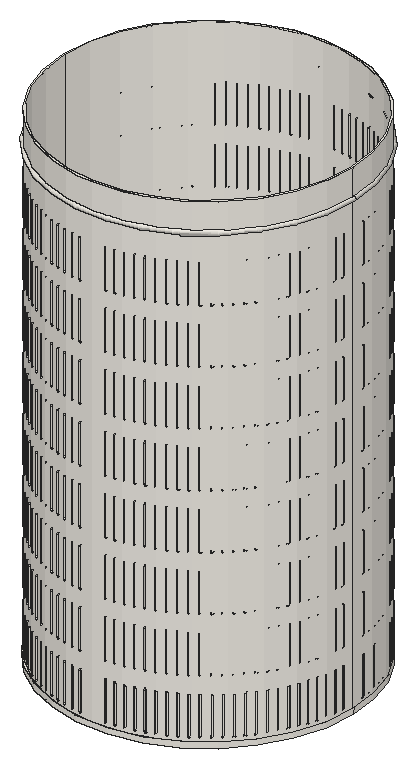
Revit family "Air Terminals_IVA", category Air Terminals, Revit 2017
Family settings
  Round Connector Dimension = Use Diameter
  Part Type = Normal
  Work Plane-Based = No
  Always vertical = Yes
  Cut with Voids When Loaded = No
  Shared = No
  Room Calculation Point = No
Parameters (values of type "IVA_DN 630")
  ∆p (Pa) = if(DN = 1, "12/27/56", if(DN = 2, "14/30/58", if(DN = 3, "14/31/61", if(DN = 4, "15/32/62", if(DN = 5, "14/31/63", if(DN = 6, "14/32/63", if(DN = 7, "13/31/63", "13/31/65")))))))  # "13/31/65"
  Void 8 = yes
  Maß ØD = if(DN = 1, 248.0 mm, if(DN = 2, 313.0 mm, if(DN = 3, 353.0 mm, if(DN = 4, 398.0 mm, if(DN = 5, 448.0 mm, if(DN = 6, 498.0 mm, if(DN = 7, 558.0 mm, 628.0 mm)))))))  # 628.0 mm
  Vo (m3/h) = if(DN = 1, "620/930/1350", if(DN = 2, "1050/1550/2150", if(DN = 3, "1350/2000/2800", if(DN = 4, "1700/2500/3500", if(DN = 5, "2100/3100/4400", if(DN = 6, "2650/4000/5600", if(DN = 7, "3300/5000/7100", "4100/6400/9200")))))))  # "4100/6400/9200"
  Void 7 = yes
  vert. Eindringt. ymax (m) = if(DN = 1, "3.5/4.9/6.6", if(DN = 2, "4.7/6.5/8.6", if(DN = 3, "5.5/7.5/9.9", if(DN = 4, "6.3/8.6/11.4", if(DN = 5, "7.0/9.7/13.0", if(DN = 6, "7.9/11.0/14.6", if(DN = 7, "8.8/12.3/16.5", "9.7/14.0/18.9")))))))  # "9.7/14.0/18.9"
  Min Flow = 0.0 L/s
  Maß A = if(DN = 1, 785.5 mm, if(DN = 2, 785.5 mm, if(DN = 3, 843.5 mm, if(DN = 4, 843.5 mm, if(DN = 5, 843.5 mm, if(DN = 6, 951.5 mm, if(DN = 7, 1059.5 mm, 1059.5 mm)))))))  # 1059.5 mm
  Max Flow = 0.0 L/s
  Material [instance] = "Aluminium"  # constant formula
  Masse (kg) = "0"
  Lwa (dB(A)) = if(DN = 1, "35/45/55", if(DN = 2, "35/45/55", if(DN = 3, "35/45/55", if(DN = 4, "35/45/55", if(DN = 5, "35/45/55", if(DN = 6, "35/45/55", if(DN = 7, "35/45/55", "35/45/55")))))))  # "35/45/55"
  hori. Wurfw. xhor (m) = if(DN = 1, "0.8/0.9/1.1", if(DN = 2, "1.3/1.6/1.8", if(DN = 3, "1.7/2.0/2.3", if(DN = 4, "2.3/2.6/3.0", if(DN = 5, "2.9/3.4/3.9", if(DN = 6, "3.6/4.3/4.9", if(DN = 7, "4.6/5.4/6.2", "5.8/6.9/8.0")))))))  # "5.8/6.9/8.0"
  H_Assembly = if(DN = 1, 540.0 mm, if(DN = 2, 540.0 mm, if(DN = 3, 540.0 mm, if(DN = 4, 540.0 mm, if(DN = 5, 540.0 mm, if(DN = 6, 660.0 mm, if(DN = 7, 780.0 mm, 780.0 mm)))))))  # 780.0 mm
  DN = 8
  Color [instance] = RAL 9010
  Array radial = 24
Reference planes
  plane 1 "Center (Front/Back)": y = 0
  plane 2: z = 0
  plane 3 "Center (Left/Right)": x = 0
  plane 4: z = 1059.5
Dimensions and locks
  "Maß A": plane 4 to level
Nested families
  nested 1: "Void 1" at (0, 0, 0), type "Void 1", detail levels fine
    with Maß ØD-4 622.0 mm, Maß ØD 628.0 mm, Array radial 24
  nested 2: "Void 2" at (0, 0, 0), type "Void 2", detail levels fine
  nested 3: "Void 3" at (0, 0, 0), type "Void 3", detail levels fine
  nested 4: "Void 4" at (0, 0, 0), type "Void 4", detail levels fine
    with Maß ØD-4 622.0 mm, Maß ØD 628.0 mm, Array radial 24
  nested 5: "Void 5" at (0, 0, 0), type "Void 5", detail levels fine
    with Maß ØD-4 622.0 mm, Maß ØD 628.0 mm, Array radial 24
  nested 6: "Void 6" at (0, 0, 0), type "Void 6", detail levels fine
    with Maß ØD-4 622.0 mm, Maß ØD 628.0 mm, Array radial 24
  nested 7: "Void 7" at (0, 0, 0), visible <- "Void 7", type "Void 7"
    with Void 7 yes, Maß ØD-4 622.0 mm, Maß ØD 628.0 mm, Array radial 24
  nested 8: "Void 8" at (0, 0, 0), visible <- "Void 8", type "Void 8"
    with Void 8 yes, Maß ØD-4 622.0 mm, Maß ØD 628.0 mm, Array radial 24
  nested 9: "Assembly up" at (0, 0, 0), type "Assembly up", detail levels fine
    with e 110.0 mm, c 25.0 mm, Maß ØD+6 634.0 mm, Maß ØD 628.0 mm, Maß A 1059.5 mm
  nested 10: "Assembly down" at (0, 0, 0), type "Assembly down", detail levels fine
    with e 110.0 mm, Maß ØD+6 634.0 mm, Maß ØD 628.0 mm, Maß A 1059.5 mm
  nested 11: "L_up_down" at (0, 0, 0), type "L_up_down", detail levels fine
    with Maß ØD 628.0 mm, Maß A 1059.5 mm
  nested 12: "C_center" at (0, 0, 0), type "C_center", detail levels fine
    with Maß ØD-6 622.0 mm, Maß ØD 628.0 mm, Maß A 1059.5 mm
  nested 13: "Medium_1" at (0, 0, 0), type "Medium_1", detail levels coarse+medium
    with Maß ØD-4 622.0 mm, Maß ØD 628.0 mm
  nested 14: "Medium_2" at (0, 0, 0), type "Medium_2", detail levels coarse+medium
    with e 110.0 mm, c 25.0 mm, Maß ØD+6 634.0 mm, Maß ØD 628.0 mm, Maß A 1059.5 mm
  nested 15: "Medium_3" at (0, 0, 0), type "Medium_3", detail levels coarse+medium
    with e 110.0 mm, Maß ØD+6 634.0 mm, Maß ØD 628.0 mm, Maß A 1059.5 mm
Connectors
  hvac at (0, 0, 1059.5), driven by "Maß ØD"
    settings: on nested 1, index 1, duct flow 0.0 L/s, flow factor 0, pres drop 0.0 Pa, loss coef 0, conn angle 0.00°, conn width 304.8 mm, conn height 304.8 mm, conn diameter 628 mm, duct sys type 1, conn prof type 0, flow config 1, flow direction 1, loss method 0, conn ref index -1, conn util no, is conn primary yes, conn desc ""
Definition of nested family "Void 1"
  Parameters (values of type "Void 1")
    Maß ØD-4 = Maß ØD - 6.0 mm  # 242.0 mm
    Maß ØD = 248.0 mm
    Maß A = 1059.5 mm
    Array radial = 14
  Reference planes
    plane 1 "Center (Front/Back)": y = 0
    plane 2: z = 0
    plane 3 "Center (Left/Right)": x = 0
    plane 4: z = 1059.5
  Forms (mm)
    Extrusion 1, solid
      sketch origin (0, 0, 0) x (1, 0, 0) y (0, 1, 0)
        loop
          circle (0, 0) r 124
        loop
          circle (0, 0) r 121
      from 0 to 1059.5
    Extrusion 2, void
      sketch origin (0, -0.004, 0) x (0.996195, -0.087156, 0) y (0, 0, 1)
        loop
          arc (2.5, 100) -> (0, 102.5) -> (-2.5, 100) r 2.5
          line (-2.5, 100) -> (-2.5, 20)
          arc (-2.5, 20) -> (0, 17.5) -> (2.5, 20) r 2.5
          line (2.5, 20) -> (2.5, 100)
      from -319.154 to 326.21
    Extrusion 3, void
      sketch origin (-0.004, 0, 0) x (0.087156, -0.996195, 0) y (0, 0, 1)
        loop
          arc (2.5, 100) -> (0, 102.5) -> (-2.5, 100) r 2.5
          line (-2.5, 100) -> (-2.5, 20)
          arc (-2.5, 20) -> (0, 17.5) -> (2.5, 20) r 2.5
          line (2.5, 20) -> (2.5, 100)
      from -319.154 to 326.21
    Extrusion 4, void
      sketch origin (-0.001, -0.004, 0) x (0.981111, -0.193444, 0) y (0, 0, 1)
        loop
          arc (2.5, 100) -> (0, 102.5) -> (-2.5, 100) r 2.5
          line (-2.5, 100) -> (-2.5, 20)
          arc (-2.5, 20) -> (0, 17.5) -> (2.5, 20) r 2.5
          line (2.5, 20) -> (2.5, 100)
      from -319.154 to 326.21
    Extrusion 5, void
      sketch origin (-0.001, -0.004, 0) x (0.954721, -0.297503, 0) y (0, 0, 1)
        loop
          arc (2.5, 100) -> (0, 102.5) -> (-2.5, 100) r 2.5
          line (-2.5, 100) -> (-2.5, 20)
          arc (-2.5, 20) -> (0, 17.5) -> (2.5, 20) r 2.5
          line (2.5, 20) -> (2.5, 100)
      from -319.154 to 326.21
    Extrusion 6, void
      sketch origin (-0.002, -0.004, 0) x (0.917328, -0.398133, 0) y (0, 0, 1)
        loop
          arc (2.5, 100) -> (0, 102.5) -> (-2.5, 100) r 2.5
          line (-2.5, 100) -> (-2.5, 20)
          arc (-2.5, 20) -> (0, 17.5) -> (2.5, 20) r 2.5
          line (2.5, 20) -> (2.5, 100)
      from -319.154 to 326.21
    Extrusion 7, void
      sketch origin (-0.002, -0.004, 0) x (0.869362, -0.494175, 0) y (0, 0, 1)
        loop
          arc (2.5, 100) -> (0, 102.5) -> (-2.5, 100) r 2.5
          line (-2.5, 100) -> (-2.5, 20)
          arc (-2.5, 20) -> (0, 17.5) -> (2.5, 20) r 2.5
          line (2.5, 20) -> (2.5, 100)
      from -319.154 to 326.21
    Extrusion 8, void
      sketch origin (-0.002, -0.003, 0) x (0.811378, -0.584522, 0) y (0, 0, 1)
        loop
          arc (2.5, 100) -> (0, 102.5) -> (-2.5, 100) r 2.5
          line (-2.5, 100) -> (-2.5, 20)
          arc (-2.5, 20) -> (0, 17.5) -> (2.5, 20) r 2.5
          line (2.5, 20) -> (2.5, 100)
      from -319.154 to 326.21
    Extrusion 9, void
      sketch origin (-0.003, -0.003, 0) x (0.744043, -0.668132, 0) y (0, 0, 1)
        loop
          arc (2.5, 100) -> (0, 102.5) -> (-2.5, 100) r 2.5
          line (-2.5, 100) -> (-2.5, 20)
          arc (-2.5, 20) -> (0, 17.5) -> (2.5, 20) r 2.5
          line (2.5, 20) -> (2.5, 100)
      from -319.154 to 326.21
    Extrusion 10, void
      sketch origin (-0.003, -0.003, 0) x (0.668132, -0.744043, 0) y (0, 0, 1)
        loop
          arc (2.5, 100) -> (0, 102.5) -> (-2.5, 100) r 2.5
          line (-2.5, 100) -> (-2.5, 20)
          arc (-2.5, 20) -> (0, 17.5) -> (2.5, 20) r 2.5
          line (2.5, 20) -> (2.5, 100)
      from -319.154 to 326.21
    Extrusion 11, void
      sketch origin (-0.003, -0.002, 0) x (0.584522, -0.811378, 0) y (0, 0, 1)
        loop
          arc (2.5, 100) -> (0, 102.5) -> (-2.5, 100) r 2.5
          line (-2.5, 100) -> (-2.5, 20)
          arc (-2.5, 20) -> (0, 17.5) -> (2.5, 20) r 2.5
          line (2.5, 20) -> (2.5, 100)
      from -319.154 to 326.21
    Extrusion 12, void
      sketch origin (-0.004, -0.002, 0) x (0.494175, -0.869362, 0) y (0, 0, 1)
        loop
          arc (2.5, 100) -> (0, 102.5) -> (-2.5, 100) r 2.5
          line (-2.5, 100) -> (-2.5, 20)
          arc (-2.5, 20) -> (0, 17.5) -> (2.5, 20) r 2.5
          line (2.5, 20) -> (2.5, 100)
      from -319.154 to 326.21
    Extrusion 13, void
      sketch origin (-0.004, -0.002, 0) x (0.398133, -0.917328, 0) y (0, 0, 1)
        loop
          arc (2.5, 100) -> (0, 102.5) -> (-2.5, 100) r 2.5
          line (-2.5, 100) -> (-2.5, 20)
          arc (-2.5, 20) -> (0, 17.5) -> (2.5, 20) r 2.5
          line (2.5, 20) -> (2.5, 100)
      from -319.154 to 326.21
    Extrusion 14, void
      sketch origin (-0.004, -0.001, 0) x (0.297503, -0.954721, 0) y (0, 0, 1)
        loop
          arc (2.5, 100) -> (0, 102.5) -> (-2.5, 100) r 2.5
          line (-2.5, 100) -> (-2.5, 20)
          arc (-2.5, 20) -> (0, 17.5) -> (2.5, 20) r 2.5
          line (2.5, 20) -> (2.5, 100)
      from -319.154 to 326.21
    Extrusion 15, void
      sketch origin (-0.004, -0.001, 0) x (0.193444, -0.981111, 0) y (0, 0, 1)
        loop
          arc (2.5, 100) -> (0, 102.5) -> (-2.5, 100) r 2.5
          line (-2.5, 100) -> (-2.5, 20)
          arc (-2.5, 20) -> (0, 17.5) -> (2.5, 20) r 2.5
          line (2.5, 20) -> (2.5, 100)
      from -319.154 to 326.21
    Extrusion 16, void, not visible
      sketch origin (0, -0.004, 0) x (0.996195, -0.087156, 0) y (0, 0, 1)
        loop
          arc (2.5, 100) -> (0, 102.5) -> (-2.5, 100) r 2.5
          line (-2.5, 100) -> (-2.5, 20)
          arc (-2.5, 20) -> (0, 17.5) -> (2.5, 20) r 2.5
          line (2.5, 20) -> (2.5, 100)
      from -319.154 to 326.21
    Extrusion 17, void
      sketch origin (0, -0.004, 0) x (0.996195, 0.087156, 0) y (0, 0, 1)
        loop
          arc (2.5, 100) -> (0, 102.5) -> (-2.5, 100) r 2.5
          line (-2.5, 100) -> (-2.5, 20)
          arc (-2.5, 20) -> (0, 17.5) -> (2.5, 20) r 2.5
          line (2.5, 20) -> (2.5, 100)
      from -319.154 to 326.21
    Extrusion 18, void
      sketch origin (0.004, 0, 0) x (0.087156, 0.996195, 0) y (0, 0, 1)
        loop
          arc (2.5, 100) -> (0, 102.5) -> (-2.5, 100) r 2.5
          line (-2.5, 100) -> (-2.5, 20)
          arc (-2.5, 20) -> (0, 17.5) -> (2.5, 20) r 2.5
          line (2.5, 20) -> (2.5, 100)
      from -319.154 to 326.21
    Extrusion 19, void
      sketch origin (0.001, -0.004, 0) x (0.981111, 0.193444, 0) y (0, 0, 1)
        loop
          arc (2.5, 100) -> (0, 102.5) -> (-2.5, 100) r 2.5
          line (-2.5, 100) -> (-2.5, 20)
          arc (-2.5, 20) -> (0, 17.5) -> (2.5, 20) r 2.5
          line (2.5, 20) -> (2.5, 100)
      from -319.154 to 326.21
    Extrusion 20, void
      sketch origin (0.001, -0.004, 0) x (0.954721, 0.297503, 0) y (0, 0, 1)
        loop
          arc (2.5, 100) -> (0, 102.5) -> (-2.5, 100) r 2.5
          line (-2.5, 100) -> (-2.5, 20)
          arc (-2.5, 20) -> (0, 17.5) -> (2.5, 20) r 2.5
          line (2.5, 20) -> (2.5, 100)
      from -319.154 to 326.21
    Extrusion 21, void
      sketch origin (0.002, -0.004, 0) x (0.917328, 0.398133, 0) y (0, 0, 1)
        loop
          arc (2.5, 100) -> (0, 102.5) -> (-2.5, 100) r 2.5
          line (-2.5, 100) -> (-2.5, 20)
          arc (-2.5, 20) -> (0, 17.5) -> (2.5, 20) r 2.5
          line (2.5, 20) -> (2.5, 100)
      from -319.154 to 326.21
    Extrusion 22, void
      sketch origin (0.002, -0.004, 0) x (0.869362, 0.494175, 0) y (0, 0, 1)
        loop
          arc (2.5, 100) -> (0, 102.5) -> (-2.5, 100) r 2.5
          line (-2.5, 100) -> (-2.5, 20)
          arc (-2.5, 20) -> (0, 17.5) -> (2.5, 20) r 2.5
          line (2.5, 20) -> (2.5, 100)
      from -319.154 to 326.21
    Extrusion 23, void
      sketch origin (0.002, -0.003, 0) x (0.811378, 0.584522, 0) y (0, 0, 1)
        loop
          arc (2.5, 100) -> (0, 102.5) -> (-2.5, 100) r 2.5
          line (-2.5, 100) -> (-2.5, 20)
          arc (-2.5, 20) -> (0, 17.5) -> (2.5, 20) r 2.5
          line (2.5, 20) -> (2.5, 100)
      from -319.154 to 326.21
    Extrusion 24, void
      sketch origin (0.003, -0.003, 0) x (0.744043, 0.668132, 0) y (0, 0, 1)
        loop
          arc (2.5, 100) -> (0, 102.5) -> (-2.5, 100) r 2.5
          line (-2.5, 100) -> (-2.5, 20)
          arc (-2.5, 20) -> (0, 17.5) -> (2.5, 20) r 2.5
          line (2.5, 20) -> (2.5, 100)
      from -319.154 to 326.21
    Extrusion 25, void
      sketch origin (0.003, -0.003, 0) x (0.668132, 0.744043, 0) y (0, 0, 1)
        loop
          arc (2.5, 100) -> (0, 102.5) -> (-2.5, 100) r 2.5
          line (-2.5, 100) -> (-2.5, 20)
          arc (-2.5, 20) -> (0, 17.5) -> (2.5, 20) r 2.5
          line (2.5, 20) -> (2.5, 100)
      from -319.154 to 326.21
    Extrusion 26, void
      sketch origin (0.003, -0.002, 0) x (0.584522, 0.811378, 0) y (0, 0, 1)
        loop
          arc (2.5, 100) -> (0, 102.5) -> (-2.5, 100) r 2.5
          line (-2.5, 100) -> (-2.5, 20)
          arc (-2.5, 20) -> (0, 17.5) -> (2.5, 20) r 2.5
          line (2.5, 20) -> (2.5, 100)
      from -319.154 to 326.21
    Extrusion 27, void
      sketch origin (0.004, -0.002, 0) x (0.494175, 0.869362, 0) y (0, 0, 1)
        loop
          arc (2.5, 100) -> (0, 102.5) -> (-2.5, 100) r 2.5
          line (-2.5, 100) -> (-2.5, 20)
          arc (-2.5, 20) -> (0, 17.5) -> (2.5, 20) r 2.5
          line (2.5, 20) -> (2.5, 100)
      from -319.154 to 326.21
    Extrusion 28, void
      sketch origin (0.004, -0.002, 0) x (0.398133, 0.917328, 0) y (0, 0, 1)
        loop
          arc (2.5, 100) -> (0, 102.5) -> (-2.5, 100) r 2.5
          line (-2.5, 100) -> (-2.5, 20)
          arc (-2.5, 20) -> (0, 17.5) -> (2.5, 20) r 2.5
          line (2.5, 20) -> (2.5, 100)
      from -319.154 to 326.21
    Extrusion 29, void
      sketch origin (0.004, -0.001, 0) x (0.297503, 0.954721, 0) y (0, 0, 1)
        loop
          arc (2.5, 100) -> (0, 102.5) -> (-2.5, 100) r 2.5
          line (-2.5, 100) -> (-2.5, 20)
          arc (-2.5, 20) -> (0, 17.5) -> (2.5, 20) r 2.5
          line (2.5, 20) -> (2.5, 100)
      from -319.154 to 326.21
    Extrusion 30, void
      sketch origin (0.004, -0.001, 0) x (0.193444, 0.981111, 0) y (0, 0, 1)
        loop
          arc (2.5, 100) -> (0, 102.5) -> (-2.5, 100) r 2.5
          line (-2.5, 100) -> (-2.5, 20)
          arc (-2.5, 20) -> (0, 17.5) -> (2.5, 20) r 2.5
          line (2.5, 20) -> (2.5, 100)
      from -319.154 to 326.21
    Extrusion 31, void, not visible
      sketch origin (0, -0.004, 0) x (0.996195, 0.087156, 0) y (0, 0, 1)
        loop
          arc (2.5, 100) -> (0, 102.5) -> (-2.5, 100) r 2.5
          line (-2.5, 100) -> (-2.5, 20)
          arc (-2.5, 20) -> (0, 17.5) -> (2.5, 20) r 2.5
          line (2.5, 20) -> (2.5, 100)
      from -319.154 to 326.21
  Cuts and joins
    Extrusion 2, Extrusion 3, Extrusion 4, Extrusion 5, Extrusion 6, Extrusion 7, Extrusion 8, Extrusion 9, Extrusion 10, Extrusion 11, Extrusion 12, Extrusion 13, Extrusion 14, Extrusion 15, Extrusion 17, Extrusion 18, Extrusion 19, Extrusion 20, Extrusion 21, Extrusion 22, Extrusion 23, Extrusion 24, Extrusion 25, Extrusion 26, Extrusion 27, Extrusion 28, Extrusion 29, Extrusion 30 cuts Extrusion 1
  Dimensions and locks
    "Maß A": plane 4 to level
    "Maß ØD-4": diameter of Extrusion 1 sketch curve
    "Maß ØD": diameter of Extrusion 1 sketch curve
    aligned and locked: level to plane 2
    aligned and locked: plane 4 to Extrusion 1
  Automatic sketch dimensions
    Extrusion 2 sketch curve to Extrusion 2 sketch curve = 80.0 mm
    Extrusion 2 sketch curve to Extrusion 2 sketch curve = 2.5 mm
    Extrusion 3 sketch curve to Extrusion 3 sketch curve = 80.0 mm
    Extrusion 3 sketch curve to Extrusion 3 sketch curve = 2.5 mm
    Extrusion 4 sketch curve to Extrusion 4 sketch curve = 80.0 mm
    Extrusion 4 sketch curve to Extrusion 4 sketch curve = 2.5 mm
    Extrusion 5 sketch curve to Extrusion 5 sketch curve = 80.0 mm
    Extrusion 5 sketch curve to Extrusion 5 sketch curve = 2.5 mm
    Extrusion 6 sketch curve to Extrusion 6 sketch curve = 80.0 mm
    Extrusion 6 sketch curve to Extrusion 6 sketch curve = 2.5 mm
    Extrusion 7 sketch curve to Extrusion 7 sketch curve = 80.0 mm
    Extrusion 7 sketch curve to Extrusion 7 sketch curve = 2.5 mm
    Extrusion 8 sketch curve to Extrusion 8 sketch curve = 80.0 mm
    Extrusion 8 sketch curve to Extrusion 8 sketch curve = 2.5 mm
    Extrusion 9 sketch curve to Extrusion 9 sketch curve = 80.0 mm
    Extrusion 9 sketch curve to Extrusion 9 sketch curve = 2.5 mm
    Extrusion 10 sketch curve to Extrusion 10 sketch curve = 80.0 mm
    Extrusion 10 sketch curve to Extrusion 10 sketch curve = 2.5 mm
    Extrusion 11 sketch curve to Extrusion 11 sketch curve = 80.0 mm
    Extrusion 11 sketch curve to Extrusion 11 sketch curve = 2.5 mm
    Extrusion 12 sketch curve to Extrusion 12 sketch curve = 80.0 mm
    Extrusion 12 sketch curve to Extrusion 12 sketch curve = 2.5 mm
    Extrusion 13 sketch curve to Extrusion 13 sketch curve = 80.0 mm
    Extrusion 13 sketch curve to Extrusion 13 sketch curve = 2.5 mm
    Extrusion 14 sketch curve to Extrusion 14 sketch curve = 80.0 mm
    Extrusion 14 sketch curve to Extrusion 14 sketch curve = 2.5 mm
    Extrusion 15 sketch curve to Extrusion 15 sketch curve = 80.0 mm
    Extrusion 15 sketch curve to Extrusion 15 sketch curve = 2.5 mm
    Extrusion 16 sketch curve to Extrusion 16 sketch curve = 80.0 mm
    Extrusion 16 sketch curve to Extrusion 16 sketch curve = 2.5 mm
    Extrusion 17 sketch curve to Extrusion 17 sketch curve = 80.0 mm
    Extrusion 17 sketch curve to Extrusion 17 sketch curve = 2.5 mm
    Extrusion 18 sketch curve to Extrusion 18 sketch curve = 80.0 mm
    Extrusion 18 sketch curve to Extrusion 18 sketch curve = 2.5 mm
    Extrusion 19 sketch curve to Extrusion 19 sketch curve = 80.0 mm
    Extrusion 19 sketch curve to Extrusion 19 sketch curve = 2.5 mm
    Extrusion 20 sketch curve to Extrusion 20 sketch curve = 80.0 mm
    Extrusion 20 sketch curve to Extrusion 20 sketch curve = 2.5 mm
    Extrusion 21 sketch curve to Extrusion 21 sketch curve = 80.0 mm
    Extrusion 21 sketch curve to Extrusion 21 sketch curve = 2.5 mm
    Extrusion 22 sketch curve to Extrusion 22 sketch curve = 80.0 mm
    Extrusion 22 sketch curve to Extrusion 22 sketch curve = 2.5 mm
    Extrusion 23 sketch curve to Extrusion 23 sketch curve = 80.0 mm
    Extrusion 23 sketch curve to Extrusion 23 sketch curve = 2.5 mm
    Extrusion 24 sketch curve to Extrusion 24 sketch curve = 80.0 mm
    Extrusion 24 sketch curve to Extrusion 24 sketch curve = 2.5 mm
    Extrusion 25 sketch curve to Extrusion 25 sketch curve = 80.0 mm
    Extrusion 25 sketch curve to Extrusion 25 sketch curve = 2.5 mm
    Extrusion 26 sketch curve to Extrusion 26 sketch curve = 80.0 mm
    Extrusion 26 sketch curve to Extrusion 26 sketch curve = 2.5 mm
    Extrusion 27 sketch curve to Extrusion 27 sketch curve = 80.0 mm
    Extrusion 27 sketch curve to Extrusion 27 sketch curve = 2.5 mm
    Extrusion 28 sketch curve to Extrusion 28 sketch curve = 80.0 mm
    Extrusion 28 sketch curve to Extrusion 28 sketch curve = 2.5 mm
    Extrusion 29 sketch curve to Extrusion 29 sketch curve = 80.0 mm
    Extrusion 29 sketch curve to Extrusion 29 sketch curve = 2.5 mm
    Extrusion 30 sketch curve to Extrusion 30 sketch curve = 80.0 mm
    Extrusion 30 sketch curve to Extrusion 30 sketch curve = 2.5 mm
    Extrusion 31 sketch curve to Extrusion 31 sketch curve = 80.0 mm
    Extrusion 31 sketch curve to Extrusion 31 sketch curve = 2.5 mm
    Extrusion 1 sketch curve to Extrusion 1 sketch curve = 0.0 mm  (x2)
    plane 1 "Center (Front/Back)" to Extrusion 1 sketch curve = 0.0 mm
    Extrusion 1 sketch curve to plane 3 "Center (Left/Right)" = 0.0 mm
Definition of nested family "Void 2"
  Parameters (values of type "Void 2")
    Maß ØD-4 = Maß ØD - 6.0 mm  # 622.0 mm
    Maß ØD = 628.0 mm
    Maß A = 1059.5 mm
    Array radial = 24
  Reference planes
    plane 1 "Center (Front/Back)": y = 0
    plane 2: z = 0
    plane 3 "Center (Left/Right)": x = 0
    plane 4: z = 1059.5
  Forms (mm)
    Extrusion 1, solid
      sketch origin (0, 0, 0) x (1, 0, 0) y (0, 1, 0)
        loop
          circle (0, 0) r 314
        loop
          circle (0, 0) r 311
      from 0 to 1059.5
    Extrusion 2, void
      sketch origin (0, -0.004, 120) x (0.996195, -0.087156, 0) y (0, 0, 1)
        loop
          arc (2.5, 100) -> (0, 102.5) -> (-2.5, 100) r 2.5
          line (-2.5, 100) -> (-2.5, 20)
          arc (-2.5, 20) -> (0, 17.5) -> (2.5, 20) r 2.5
          line (2.5, 20) -> (2.5, 100)
      from -319.154 to 326.21
    Extrusion 3, void
      sketch origin (0, -0.004, 120) x (0.996195, 0.087156, 0) y (0, 0, 1)
        loop
          arc (2.5, 100) -> (0, 102.5) -> (-2.5, 100) r 2.5
          line (-2.5, 100) -> (-2.5, 20)
          arc (-2.5, 20) -> (0, 17.5) -> (2.5, 20) r 2.5
          line (2.5, 20) -> (2.5, 100)
      from -319.154 to 326.21
    Extrusion 4, void
      sketch origin (-0.004, 0, 120) x (0.087156, -0.996195, 0) y (0, 0, 1)
        loop
          arc (2.5, 100) -> (0, 102.5) -> (-2.5, 100) r 2.5
          line (-2.5, 100) -> (-2.5, 20)
          arc (-2.5, 20) -> (0, 17.5) -> (2.5, 20) r 2.5
          line (2.5, 20) -> (2.5, 100)
      from -319.154 to 326.21
    Extrusion 5, void
      sketch origin (-0.001, -0.004, 120) x (0.989072, -0.147434, 0) y (0, 0, 1)
        loop
          arc (2.5, 100) -> (0, 102.5) -> (-2.5, 100) r 2.5
          line (-2.5, 100) -> (-2.5, 20)
          arc (-2.5, 20) -> (0, 17.5) -> (2.5, 20) r 2.5
          line (2.5, 20) -> (2.5, 100)
      from -319.154 to 326.21
    Extrusion 6, void
      sketch origin (-0.001, -0.004, 120) x (0.978305, -0.207169, 0) y (0, 0, 1)
        loop
          arc (2.5, 100) -> (0, 102.5) -> (-2.5, 100) r 2.5
          line (-2.5, 100) -> (-2.5, 20)
          arc (-2.5, 20) -> (0, 17.5) -> (2.5, 20) r 2.5
          line (2.5, 20) -> (2.5, 100)
      from -319.154 to 326.21
    Extrusion 7, void
      sketch origin (-0.001, -0.004, 120) x (0.963934, -0.266141, 0) y (0, 0, 1)
        loop
          arc (2.5, 100) -> (0, 102.5) -> (-2.5, 100) r 2.5
          line (-2.5, 100) -> (-2.5, 20)
          arc (-2.5, 20) -> (0, 17.5) -> (2.5, 20) r 2.5
          line (2.5, 20) -> (2.5, 100)
      from -319.154 to 326.21
    Extrusion 8, void
      sketch origin (-0.001, -0.004, 120) x (0.946012, -0.324133, 0) y (0, 0, 1)
        loop
          arc (2.5, 100) -> (0, 102.5) -> (-2.5, 100) r 2.5
          line (-2.5, 100) -> (-2.5, 20)
          arc (-2.5, 20) -> (0, 17.5) -> (2.5, 20) r 2.5
          line (2.5, 20) -> (2.5, 100)
      from -319.154 to 326.21
    Extrusion 9, void
      sketch origin (-0.002, -0.004, 120) x (0.924604, -0.38093, 0) y (0, 0, 1)
        loop
          arc (2.5, 100) -> (0, 102.5) -> (-2.5, 100) r 2.5
          line (-2.5, 100) -> (-2.5, 20)
          arc (-2.5, 20) -> (0, 17.5) -> (2.5, 20) r 2.5
          line (2.5, 20) -> (2.5, 100)
      from -319.154 to 326.21
    Extrusion 10, void
      sketch origin (-0.002, -0.004, 120) x (0.89979, -0.436324, 0) y (0, 0, 1)
        loop
          arc (2.5, 100) -> (0, 102.5) -> (-2.5, 100) r 2.5
          line (-2.5, 100) -> (-2.5, 20)
          arc (-2.5, 20) -> (0, 17.5) -> (2.5, 20) r 2.5
          line (2.5, 20) -> (2.5, 100)
      from -319.154 to 326.21
    Extrusion 11, void
      sketch origin (-0.002, -0.004, 120) x (0.87166, -0.49011, 0) y (0, 0, 1)
        loop
          arc (2.5, 100) -> (0, 102.5) -> (-2.5, 100) r 2.5
          line (-2.5, 100) -> (-2.5, 20)
          arc (-2.5, 20) -> (0, 17.5) -> (2.5, 20) r 2.5
          line (2.5, 20) -> (2.5, 100)
      from -319.154 to 326.21
    Extrusion 12, void
      sketch origin (-0.002, -0.004, 120) x (0.84032, -0.542091, 0) y (0, 0, 1)
        loop
          arc (2.5, 100) -> (0, 102.5) -> (-2.5, 100) r 2.5
          line (-2.5, 100) -> (-2.5, 20)
          arc (-2.5, 20) -> (0, 17.5) -> (2.5, 20) r 2.5
          line (2.5, 20) -> (2.5, 100)
      from -319.154 to 326.21
    Extrusion 13, void
      sketch origin (-0.003, -0.003, 120) x (0.805883, -0.592074, 0) y (0, 0, 1)
        loop
          arc (2.5, 100) -> (0, 102.5) -> (-2.5, 100) r 2.5
          line (-2.5, 100) -> (-2.5, 20)
          arc (-2.5, 20) -> (0, 17.5) -> (2.5, 20) r 2.5
          line (2.5, 20) -> (2.5, 100)
      from -319.154 to 326.21
    Extrusion 14, void
      sketch origin (-0.003, -0.003, 120) x (0.768478, -0.639876, 0) y (0, 0, 1)
        loop
          arc (2.5, 100) -> (0, 102.5) -> (-2.5, 100) r 2.5
          line (-2.5, 100) -> (-2.5, 20)
          arc (-2.5, 20) -> (0, 17.5) -> (2.5, 20) r 2.5
          line (2.5, 20) -> (2.5, 100)
      from -319.154 to 326.21
    Extrusion 15, void
      sketch origin (-0.003, -0.003, 120) x (0.728241, -0.685321, 0) y (0, 0, 1)
        loop
          arc (2.5, 100) -> (0, 102.5) -> (-2.5, 100) r 2.5
          line (-2.5, 100) -> (-2.5, 20)
          arc (-2.5, 20) -> (0, 17.5) -> (2.5, 20) r 2.5
          line (2.5, 20) -> (2.5, 100)
      from -319.154 to 326.21
    Extrusion 16, void
      sketch origin (-0.003, -0.003, 120) x (0.685321, -0.728241, 0) y (0, 0, 1)
        loop
          arc (2.5, 100) -> (0, 102.5) -> (-2.5, 100) r 2.5
          line (-2.5, 100) -> (-2.5, 20)
          arc (-2.5, 20) -> (0, 17.5) -> (2.5, 20) r 2.5
          line (2.5, 20) -> (2.5, 100)
      from -319.154 to 326.21
    Extrusion 17, void
      sketch origin (0.004, 0, 120) x (0.087156, 0.996195, 0) y (0, 0, 1)
        loop
          arc (2.5, 100) -> (0, 102.5) -> (-2.5, 100) r 2.5
          line (-2.5, 100) -> (-2.5, 20)
          arc (-2.5, 20) -> (0, 17.5) -> (2.5, 20) r 2.5
          line (2.5, 20) -> (2.5, 100)
      from -319.154 to 326.21
    Extrusion 18, void
      sketch origin (0.001, -0.004, 120) x (0.989072, 0.147434, 0) y (0, 0, 1)
        loop
          arc (2.5, 100) -> (0, 102.5) -> (-2.5, 100) r 2.5
          line (-2.5, 100) -> (-2.5, 20)
          arc (-2.5, 20) -> (0, 17.5) -> (2.5, 20) r 2.5
          line (2.5, 20) -> (2.5, 100)
      from -319.154 to 326.21
    Extrusion 19, void
      sketch origin (0.001, -0.004, 120) x (0.978305, 0.207169, 0) y (0, 0, 1)
        loop
          arc (2.5, 100) -> (0, 102.5) -> (-2.5, 100) r 2.5
          line (-2.5, 100) -> (-2.5, 20)
          arc (-2.5, 20) -> (0, 17.5) -> (2.5, 20) r 2.5
          line (2.5, 20) -> (2.5, 100)
      from -319.154 to 326.21
    Extrusion 20, void
      sketch origin (0.001, -0.004, 120) x (0.963934, 0.266141, 0) y (0, 0, 1)
        loop
          arc (2.5, 100) -> (0, 102.5) -> (-2.5, 100) r 2.5
          line (-2.5, 100) -> (-2.5, 20)
          arc (-2.5, 20) -> (0, 17.5) -> (2.5, 20) r 2.5
          line (2.5, 20) -> (2.5, 100)
      from -319.154 to 326.21
    Extrusion 21, void
      sketch origin (0.001, -0.004, 120) x (0.946012, 0.324133, 0) y (0, 0, 1)
        loop
          arc (2.5, 100) -> (0, 102.5) -> (-2.5, 100) r 2.5
          line (-2.5, 100) -> (-2.5, 20)
          arc (-2.5, 20) -> (0, 17.5) -> (2.5, 20) r 2.5
          line (2.5, 20) -> (2.5, 100)
      from -319.154 to 326.21
    Extrusion 22, void
      sketch origin (0.002, -0.004, 120) x (0.924604, 0.38093, 0) y (0, 0, 1)
        loop
          arc (2.5, 100) -> (0, 102.5) -> (-2.5, 100) r 2.5
          line (-2.5, 100) -> (-2.5, 20)
          arc (-2.5, 20) -> (0, 17.5) -> (2.5, 20) r 2.5
          line (2.5, 20) -> (2.5, 100)
      from -319.154 to 326.21
    Extrusion 23, void
      sketch origin (0.002, -0.004, 120) x (0.89979, 0.436324, 0) y (0, 0, 1)
        loop
          arc (2.5, 100) -> (0, 102.5) -> (-2.5, 100) r 2.5
          line (-2.5, 100) -> (-2.5, 20)
          arc (-2.5, 20) -> (0, 17.5) -> (2.5, 20) r 2.5
          line (2.5, 20) -> (2.5, 100)
      from -319.154 to 326.21
    Extrusion 24, void
      sketch origin (0.002, -0.004, 120) x (0.87166, 0.49011, 0) y (0, 0, 1)
        loop
          arc (2.5, 100) -> (0, 102.5) -> (-2.5, 100) r 2.5
          line (-2.5, 100) -> (-2.5, 20)
          arc (-2.5, 20) -> (0, 17.5) -> (2.5, 20) r 2.5
          line (2.5, 20) -> (2.5, 100)
      from -319.154 to 326.21
    Extrusion 25, void
      sketch origin (0.002, -0.004, 120) x (0.84032, 0.542091, 0) y (0, 0, 1)
        loop
          arc (2.5, 100) -> (0, 102.5) -> (-2.5, 100) r 2.5
          line (-2.5, 100) -> (-2.5, 20)
          arc (-2.5, 20) -> (0, 17.5) -> (2.5, 20) r 2.5
          line (2.5, 20) -> (2.5, 100)
      from -319.154 to 326.21
    Extrusion 26, void
      sketch origin (0.003, -0.003, 120) x (0.805883, 0.592074, 0) y (0, 0, 1)
        loop
          arc (2.5, 100) -> (0, 102.5) -> (-2.5, 100) r 2.5
          line (-2.5, 100) -> (-2.5, 20)
          arc (-2.5, 20) -> (0, 17.5) -> (2.5, 20) r 2.5
          line (2.5, 20) -> (2.5, 100)
      from -319.154 to 326.21
    Extrusion 27, void
      sketch origin (0.003, -0.003, 120) x (0.768478, 0.639876, 0) y (0, 0, 1)
        loop
          arc (2.5, 100) -> (0, 102.5) -> (-2.5, 100) r 2.5
          line (-2.5, 100) -> (-2.5, 20)
          arc (-2.5, 20) -> (0, 17.5) -> (2.5, 20) r 2.5
          line (2.5, 20) -> (2.5, 100)
      from -319.154 to 326.21
    Extrusion 28, void
      sketch origin (0.003, -0.003, 120) x (0.728241, 0.685321, 0) y (0, 0, 1)
        loop
          arc (2.5, 100) -> (0, 102.5) -> (-2.5, 100) r 2.5
          line (-2.5, 100) -> (-2.5, 20)
          arc (-2.5, 20) -> (0, 17.5) -> (2.5, 20) r 2.5
          line (2.5, 20) -> (2.5, 100)
      from -319.154 to 326.21
    Extrusion 29, void
      sketch origin (0.003, -0.003, 120) x (0.685321, 0.728241, 0) y (0, 0, 1)
        loop
          arc (2.5, 100) -> (0, 102.5) -> (-2.5, 100) r 2.5
          line (-2.5, 100) -> (-2.5, 20)
          arc (-2.5, 20) -> (0, 17.5) -> (2.5, 20) r 2.5
          line (2.5, 20) -> (2.5, 100)
      from -319.154 to 326.21
    Extrusion 30, void
      sketch origin (-0.003, -0.003, 120) x (0.639876, -0.768478, 0) y (0, 0, 1)
        loop
          arc (2.5, 100) -> (0, 102.5) -> (-2.5, 100) r 2.5
          line (-2.5, 100) -> (-2.5, 20)
          arc (-2.5, 20) -> (0, 17.5) -> (2.5, 20) r 2.5
          line (2.5, 20) -> (2.5, 100)
      from -319.154 to 326.21
    Extrusion 31, void
      sketch origin (-0.003, -0.003, 120) x (0.592074, -0.805883, 0) y (0, 0, 1)
        loop
          arc (2.5, 100) -> (0, 102.5) -> (-2.5, 100) r 2.5
          line (-2.5, 100) -> (-2.5, 20)
          arc (-2.5, 20) -> (0, 17.5) -> (2.5, 20) r 2.5
          line (2.5, 20) -> (2.5, 100)
      from -319.154 to 326.21
    Extrusion 32, void
      sketch origin (-0.004, -0.002, 120) x (0.542091, -0.84032, 0) y (0, 0, 1)
        loop
          arc (2.5, 100) -> (0, 102.5) -> (-2.5, 100) r 2.5
          line (-2.5, 100) -> (-2.5, 20)
          arc (-2.5, 20) -> (0, 17.5) -> (2.5, 20) r 2.5
          line (2.5, 20) -> (2.5, 100)
      from -319.154 to 326.21
    Extrusion 33, void
      sketch origin (-0.004, -0.002, 120) x (0.49011, -0.87166, 0) y (0, 0, 1)
        loop
          arc (2.5, 100) -> (0, 102.5) -> (-2.5, 100) r 2.5
          line (-2.5, 100) -> (-2.5, 20)
          arc (-2.5, 20) -> (0, 17.5) -> (2.5, 20) r 2.5
          line (2.5, 20) -> (2.5, 100)
      from -319.154 to 326.21
    Extrusion 34, void
      sketch origin (-0.004, -0.002, 120) x (0.436324, -0.89979, 0) y (0, 0, 1)
        loop
          arc (2.5, 100) -> (0, 102.5) -> (-2.5, 100) r 2.5
          line (-2.5, 100) -> (-2.5, 20)
          arc (-2.5, 20) -> (0, 17.5) -> (2.5, 20) r 2.5
          line (2.5, 20) -> (2.5, 100)
      from -319.154 to 326.21
    Extrusion 35, void
      sketch origin (-0.004, -0.002, 120) x (0.38093, -0.924604, 0) y (0, 0, 1)
        loop
          arc (2.5, 100) -> (0, 102.5) -> (-2.5, 100) r 2.5
          line (-2.5, 100) -> (-2.5, 20)
          arc (-2.5, 20) -> (0, 17.5) -> (2.5, 20) r 2.5
          line (2.5, 20) -> (2.5, 100)
      from -319.154 to 326.21
    Extrusion 36, void
      sketch origin (-0.004, -0.001, 120) x (0.324133, -0.946012, 0) y (0, 0, 1)
        loop
          arc (2.5, 100) -> (0, 102.5) -> (-2.5, 100) r 2.5
          line (-2.5, 100) -> (-2.5, 20)
          arc (-2.5, 20) -> (0, 17.5) -> (2.5, 20) r 2.5
          line (2.5, 20) -> (2.5, 100)
      from -319.154 to 326.21
    Extrusion 37, void
      sketch origin (-0.004, -0.001, 120) x (0.266141, -0.963934, 0) y (0, 0, 1)
        loop
          arc (2.5, 100) -> (0, 102.5) -> (-2.5, 100) r 2.5
          line (-2.5, 100) -> (-2.5, 20)
          arc (-2.5, 20) -> (0, 17.5) -> (2.5, 20) r 2.5
          line (2.5, 20) -> (2.5, 100)
      from -319.154 to 326.21
    Extrusion 38, void
      sketch origin (-0.004, -0.001, 120) x (0.207169, -0.978305, 0) y (0, 0, 1)
        loop
          arc (2.5, 100) -> (0, 102.5) -> (-2.5, 100) r 2.5
          line (-2.5, 100) -> (-2.5, 20)
          arc (-2.5, 20) -> (0, 17.5) -> (2.5, 20) r 2.5
          line (2.5, 20) -> (2.5, 100)
      from -319.154 to 326.21
    Extrusion 39, void
      sketch origin (-0.004, -0.001, 120) x (0.147434, -0.989072, 0) y (0, 0, 1)
        loop
          arc (2.5, 100) -> (0, 102.5) -> (-2.5, 100) r 2.5
          line (-2.5, 100) -> (-2.5, 20)
          arc (-2.5, 20) -> (0, 17.5) -> (2.5, 20) r 2.5
          line (2.5, 20) -> (2.5, 100)
      from -319.154 to 326.21
    Extrusion 40, void
      sketch origin (0.003, -0.003, 120) x (0.639876, 0.768478, 0) y (0, 0, 1)
        loop
          arc (2.5, 100) -> (0, 102.5) -> (-2.5, 100) r 2.5
          line (-2.5, 100) -> (-2.5, 20)
          arc (-2.5, 20) -> (0, 17.5) -> (2.5, 20) r 2.5
          line (2.5, 20) -> (2.5, 100)
      from -319.154 to 326.21
    Extrusion 41, void
      sketch origin (0.003, -0.003, 120) x (0.592074, 0.805883, 0) y (0, 0, 1)
        loop
          arc (2.5, 100) -> (0, 102.5) -> (-2.5, 100) r 2.5
          line (-2.5, 100) -> (-2.5, 20)
          arc (-2.5, 20) -> (0, 17.5) -> (2.5, 20) r 2.5
          line (2.5, 20) -> (2.5, 100)
      from -319.154 to 326.21
    Extrusion 42, void
      sketch origin (0.004, -0.002, 120) x (0.542091, 0.84032, 0) y (0, 0, 1)
        loop
          arc (2.5, 100) -> (0, 102.5) -> (-2.5, 100) r 2.5
          line (-2.5, 100) -> (-2.5, 20)
          arc (-2.5, 20) -> (0, 17.5) -> (2.5, 20) r 2.5
          line (2.5, 20) -> (2.5, 100)
      from -319.154 to 326.21
    Extrusion 43, void
      sketch origin (0.004, -0.002, 120) x (0.49011, 0.87166, 0) y (0, 0, 1)
        loop
          arc (2.5, 100) -> (0, 102.5) -> (-2.5, 100) r 2.5
          line (-2.5, 100) -> (-2.5, 20)
          arc (-2.5, 20) -> (0, 17.5) -> (2.5, 20) r 2.5
          line (2.5, 20) -> (2.5, 100)
      from -319.154 to 326.21
    Extrusion 44, void
      sketch origin (0.004, -0.002, 120) x (0.436324, 0.89979, 0) y (0, 0, 1)
        loop
          arc (2.5, 100) -> (0, 102.5) -> (-2.5, 100) r 2.5
          line (-2.5, 100) -> (-2.5, 20)
          arc (-2.5, 20) -> (0, 17.5) -> (2.5, 20) r 2.5
          line (2.5, 20) -> (2.5, 100)
      from -319.154 to 326.21
    Extrusion 45, void
      sketch origin (0.004, -0.002, 120) x (0.38093, 0.924604, 0) y (0, 0, 1)
        loop
          arc (2.5, 100) -> (0, 102.5) -> (-2.5, 100) r 2.5
          line (-2.5, 100) -> (-2.5, 20)
          arc (-2.5, 20) -> (0, 17.5) -> (2.5, 20) r 2.5
          line (2.5, 20) -> (2.5, 100)
      from -319.154 to 326.21
    Extrusion 46, void
      sketch origin (0.004, -0.001, 120) x (0.324133, 0.946012, 0) y (0, 0, 1)
        loop
          arc (2.5, 100) -> (0, 102.5) -> (-2.5, 100) r 2.5
          line (-2.5, 100) -> (-2.5, 20)
          arc (-2.5, 20) -> (0, 17.5) -> (2.5, 20) r 2.5
          line (2.5, 20) -> (2.5, 100)
      from -319.154 to 326.21
    Extrusion 47, void
      sketch origin (0.004, -0.001, 120) x (0.266141, 0.963934, 0) y (0, 0, 1)
        loop
          arc (2.5, 100) -> (0, 102.5) -> (-2.5, 100) r 2.5
          line (-2.5, 100) -> (-2.5, 20)
          arc (-2.5, 20) -> (0, 17.5) -> (2.5, 20) r 2.5
          line (2.5, 20) -> (2.5, 100)
      from -319.154 to 326.21
    Extrusion 48, void
      sketch origin (0.004, -0.001, 120) x (0.207169, 0.978305, 0) y (0, 0, 1)
        loop
          arc (2.5, 100) -> (0, 102.5) -> (-2.5, 100) r 2.5
          line (-2.5, 100) -> (-2.5, 20)
          arc (-2.5, 20) -> (0, 17.5) -> (2.5, 20) r 2.5
          line (2.5, 20) -> (2.5, 100)
      from -319.154 to 326.21
    Extrusion 49, void
      sketch origin (0.004, -0.001, 120) x (0.147434, 0.989072, 0) y (0, 0, 1)
        loop
          arc (2.5, 100) -> (0, 102.5) -> (-2.5, 100) r 2.5
          line (-2.5, 100) -> (-2.5, 20)
          arc (-2.5, 20) -> (0, 17.5) -> (2.5, 20) r 2.5
          line (2.5, 20) -> (2.5, 100)
      from -319.154 to 326.21
  Cuts and joins
    Extrusion 2, Extrusion 3, Extrusion 4, Extrusion 5, Extrusion 6, Extrusion 7, Extrusion 8, Extrusion 9, Extrusion 10, Extrusion 11, Extrusion 12, Extrusion 13, Extrusion 14, Extrusion 15, Extrusion 16, Extrusion 17, Extrusion 18, Extrusion 19, Extrusion 20, Extrusion 21, Extrusion 22, Extrusion 23, Extrusion 24, Extrusion 25, Extrusion 26, Extrusion 27, Extrusion 28, Extrusion 29, Extrusion 30, Extrusion 31, Extrusion 32, Extrusion 33, Extrusion 34, Extrusion 35, Extrusion 36, Extrusion 37, Extrusion 38, Extrusion 39, Extrusion 40, Extrusion 41, Extrusion 42, Extrusion 43, Extrusion 44, Extrusion 45, Extrusion 46, Extrusion 47, Extrusion 48, Extrusion 49 cuts Extrusion 1
  Dimensions and locks
    "Maß A": plane 4 to level
    "Maß ØD-4": diameter of Extrusion 1 sketch curve
    "Maß ØD": diameter of Extrusion 1 sketch curve
    aligned and locked: level to plane 2
    aligned and locked: plane 4 to Extrusion 1
  Automatic sketch dimensions
    Extrusion 2 sketch curve to Extrusion 2 sketch curve = 2.5 mm
    Extrusion 2 sketch curve to Extrusion 2 sketch curve = 80.0 mm
    Extrusion 3 sketch curve to Extrusion 3 sketch curve = 2.5 mm
    Extrusion 3 sketch curve to Extrusion 3 sketch curve = 80.0 mm
    Extrusion 4 sketch curve to Extrusion 4 sketch curve = 2.5 mm
    Extrusion 4 sketch curve to Extrusion 4 sketch curve = 80.0 mm
    Extrusion 5 sketch curve to Extrusion 5 sketch curve = 2.5 mm
    Extrusion 5 sketch curve to Extrusion 5 sketch curve = 80.0 mm
    Extrusion 6 sketch curve to Extrusion 6 sketch curve = 2.5 mm
    Extrusion 6 sketch curve to Extrusion 6 sketch curve = 80.0 mm
    Extrusion 7 sketch curve to Extrusion 7 sketch curve = 2.5 mm
    Extrusion 7 sketch curve to Extrusion 7 sketch curve = 80.0 mm
    Extrusion 8 sketch curve to Extrusion 8 sketch curve = 2.5 mm
    Extrusion 8 sketch curve to Extrusion 8 sketch curve = 80.0 mm
    Extrusion 9 sketch curve to Extrusion 9 sketch curve = 2.5 mm
    Extrusion 9 sketch curve to Extrusion 9 sketch curve = 80.0 mm
    Extrusion 10 sketch curve to Extrusion 10 sketch curve = 2.5 mm
    Extrusion 10 sketch curve to Extrusion 10 sketch curve = 80.0 mm
    Extrusion 11 sketch curve to Extrusion 11 sketch curve = 2.5 mm
    Extrusion 11 sketch curve to Extrusion 11 sketch curve = 80.0 mm
    Extrusion 12 sketch curve to Extrusion 12 sketch curve = 2.5 mm
    Extrusion 12 sketch curve to Extrusion 12 sketch curve = 80.0 mm
    Extrusion 13 sketch curve to Extrusion 13 sketch curve = 2.5 mm
    Extrusion 13 sketch curve to Extrusion 13 sketch curve = 80.0 mm
    Extrusion 14 sketch curve to Extrusion 14 sketch curve = 2.5 mm
    Extrusion 14 sketch curve to Extrusion 14 sketch curve = 80.0 mm
    Extrusion 15 sketch curve to Extrusion 15 sketch curve = 2.5 mm
    Extrusion 15 sketch curve to Extrusion 15 sketch curve = 80.0 mm
    Extrusion 16 sketch curve to Extrusion 16 sketch curve = 2.5 mm
    Extrusion 16 sketch curve to Extrusion 16 sketch curve = 80.0 mm
    Extrusion 17 sketch curve to Extrusion 17 sketch curve = 2.5 mm
    Extrusion 17 sketch curve to Extrusion 17 sketch curve = 80.0 mm
    Extrusion 18 sketch curve to Extrusion 18 sketch curve = 2.5 mm
    Extrusion 18 sketch curve to Extrusion 18 sketch curve = 80.0 mm
    Extrusion 19 sketch curve to Extrusion 19 sketch curve = 2.5 mm
    Extrusion 19 sketch curve to Extrusion 19 sketch curve = 80.0 mm
    Extrusion 20 sketch curve to Extrusion 20 sketch curve = 2.5 mm
    Extrusion 20 sketch curve to Extrusion 20 sketch curve = 80.0 mm
    Extrusion 21 sketch curve to Extrusion 21 sketch curve = 2.5 mm
    Extrusion 21 sketch curve to Extrusion 21 sketch curve = 80.0 mm
    Extrusion 22 sketch curve to Extrusion 22 sketch curve = 2.5 mm
    Extrusion 22 sketch curve to Extrusion 22 sketch curve = 80.0 mm
    Extrusion 23 sketch curve to Extrusion 23 sketch curve = 2.5 mm
    Extrusion 23 sketch curve to Extrusion 23 sketch curve = 80.0 mm
    Extrusion 24 sketch curve to Extrusion 24 sketch curve = 2.5 mm
    Extrusion 24 sketch curve to Extrusion 24 sketch curve = 80.0 mm
    Extrusion 25 sketch curve to Extrusion 25 sketch curve = 2.5 mm
    Extrusion 25 sketch curve to Extrusion 25 sketch curve = 80.0 mm
    Extrusion 26 sketch curve to Extrusion 26 sketch curve = 2.5 mm
    Extrusion 26 sketch curve to Extrusion 26 sketch curve = 80.0 mm
    Extrusion 27 sketch curve to Extrusion 27 sketch curve = 2.5 mm
    Extrusion 27 sketch curve to Extrusion 27 sketch curve = 80.0 mm
    Extrusion 28 sketch curve to Extrusion 28 sketch curve = 2.5 mm
    Extrusion 28 sketch curve to Extrusion 28 sketch curve = 80.0 mm
    Extrusion 29 sketch curve to Extrusion 29 sketch curve = 2.5 mm
    Extrusion 29 sketch curve to Extrusion 29 sketch curve = 80.0 mm
    Extrusion 30 sketch curve to Extrusion 30 sketch curve = 2.5 mm
    Extrusion 30 sketch curve to Extrusion 30 sketch curve = 80.0 mm
    Extrusion 31 sketch curve to Extrusion 31 sketch curve = 2.5 mm
    Extrusion 31 sketch curve to Extrusion 31 sketch curve = 80.0 mm
    Extrusion 32 sketch curve to Extrusion 32 sketch curve = 2.5 mm
    Extrusion 32 sketch curve to Extrusion 32 sketch curve = 80.0 mm
    Extrusion 33 sketch curve to Extrusion 33 sketch curve = 2.5 mm
    Extrusion 33 sketch curve to Extrusion 33 sketch curve = 80.0 mm
    Extrusion 34 sketch curve to Extrusion 34 sketch curve = 2.5 mm
    Extrusion 34 sketch curve to Extrusion 34 sketch curve = 80.0 mm
    Extrusion 35 sketch curve to Extrusion 35 sketch curve = 2.5 mm
    Extrusion 35 sketch curve to Extrusion 35 sketch curve = 80.0 mm
    Extrusion 36 sketch curve to Extrusion 36 sketch curve = 2.5 mm
    Extrusion 36 sketch curve to Extrusion 36 sketch curve = 80.0 mm
    Extrusion 37 sketch curve to Extrusion 37 sketch curve = 2.5 mm
    Extrusion 37 sketch curve to Extrusion 37 sketch curve = 80.0 mm
    Extrusion 38 sketch curve to Extrusion 38 sketch curve = 2.5 mm
    Extrusion 38 sketch curve to Extrusion 38 sketch curve = 80.0 mm
    Extrusion 39 sketch curve to Extrusion 39 sketch curve = 2.5 mm
    Extrusion 39 sketch curve to Extrusion 39 sketch curve = 80.0 mm
    Extrusion 40 sketch curve to Extrusion 40 sketch curve = 2.5 mm
    Extrusion 40 sketch curve to Extrusion 40 sketch curve = 80.0 mm
    Extrusion 41 sketch curve to Extrusion 41 sketch curve = 2.5 mm
    Extrusion 41 sketch curve to Extrusion 41 sketch curve = 80.0 mm
    Extrusion 42 sketch curve to Extrusion 42 sketch curve = 2.5 mm
    Extrusion 42 sketch curve to Extrusion 42 sketch curve = 80.0 mm
    Extrusion 43 sketch curve to Extrusion 43 sketch curve = 2.5 mm
    Extrusion 43 sketch curve to Extrusion 43 sketch curve = 80.0 mm
    Extrusion 44 sketch curve to Extrusion 44 sketch curve = 2.5 mm
    Extrusion 44 sketch curve to Extrusion 44 sketch curve = 80.0 mm
    Extrusion 45 sketch curve to Extrusion 45 sketch curve = 2.5 mm
    Extrusion 45 sketch curve to Extrusion 45 sketch curve = 80.0 mm
    Extrusion 46 sketch curve to Extrusion 46 sketch curve = 2.5 mm
    Extrusion 46 sketch curve to Extrusion 46 sketch curve = 80.0 mm
    Extrusion 47 sketch curve to Extrusion 47 sketch curve = 2.5 mm
    Extrusion 47 sketch curve to Extrusion 47 sketch curve = 80.0 mm
    Extrusion 48 sketch curve to Extrusion 48 sketch curve = 2.5 mm
    Extrusion 48 sketch curve to Extrusion 48 sketch curve = 80.0 mm
    Extrusion 49 sketch curve to Extrusion 49 sketch curve = 2.5 mm
    Extrusion 49 sketch curve to Extrusion 49 sketch curve = 80.0 mm
    Extrusion 1 sketch curve to Extrusion 1 sketch curve = 0.0 mm  (x2)
    plane 1 "Center (Front/Back)" to Extrusion 1 sketch curve = 0.0 mm
    Extrusion 1 sketch curve to plane 3 "Center (Left/Right)" = 0.0 mm
Definition of nested family "Void 3"
  Parameters (values of type "Void 3")
    Maß ØD-4 = Maß ØD - 6.0 mm  # 622.0 mm
    Maß ØD = 628.0 mm
    Maß A = 1059.5 mm
    Array radial = 24
  Reference planes
    plane 1 "Center (Front/Back)": y = 0
    plane 2: z = 0
    plane 3 "Center (Left/Right)": x = 0
    plane 4: z = 1059.5
  Forms (mm)
    Extrusion 1, solid
      sketch origin (0, 0, 0) x (1, 0, 0) y (0, 1, 0)
        loop
          circle (0, 0) r 314
        loop
          circle (0, 0) r 311
      from 0 to 1059.5
    Extrusion 2, void
      sketch origin (0, -0.004, 240) x (0.996195, -0.087156, 0) y (0, 0, 1)
        loop
          arc (2.5, 100) -> (0, 102.5) -> (-2.5, 100) r 2.5
          line (-2.5, 100) -> (-2.5, 20)
          arc (-2.5, 20) -> (0, 17.5) -> (2.5, 20) r 2.5
          line (2.5, 20) -> (2.5, 100)
      from -319.154 to 326.21
    Extrusion 3, void
      sketch origin (0, -0.004, 240) x (0.996195, 0.087156, 0) y (0, 0, 1)
        loop
          arc (2.5, 100) -> (0, 102.5) -> (-2.5, 100) r 2.5
          line (-2.5, 100) -> (-2.5, 20)
          arc (-2.5, 20) -> (0, 17.5) -> (2.5, 20) r 2.5
          line (2.5, 20) -> (2.5, 100)
      from -319.154 to 326.21
    Extrusion 4, void
      sketch origin (-0.004, 0, 240) x (0.087156, -0.996195, 0) y (0, 0, 1)
        loop
          arc (2.5, 100) -> (0, 102.5) -> (-2.5, 100) r 2.5
          line (-2.5, 100) -> (-2.5, 20)
          arc (-2.5, 20) -> (0, 17.5) -> (2.5, 20) r 2.5
          line (2.5, 20) -> (2.5, 100)
      from -319.154 to 326.21
    Extrusion 5, void
      sketch origin (-0.001, -0.004, 240) x (0.989072, -0.147434, 0) y (0, 0, 1)
        loop
          arc (2.5, 100) -> (0, 102.5) -> (-2.5, 100) r 2.5
          line (-2.5, 100) -> (-2.5, 20)
          arc (-2.5, 20) -> (0, 17.5) -> (2.5, 20) r 2.5
          line (2.5, 20) -> (2.5, 100)
      from -319.154 to 326.21
    Extrusion 6, void
      sketch origin (-0.001, -0.004, 240) x (0.978305, -0.207169, 0) y (0, 0, 1)
        loop
          arc (2.5, 100) -> (0, 102.5) -> (-2.5, 100) r 2.5
          line (-2.5, 100) -> (-2.5, 20)
          arc (-2.5, 20) -> (0, 17.5) -> (2.5, 20) r 2.5
          line (2.5, 20) -> (2.5, 100)
      from -319.154 to 326.21
    Extrusion 7, void
      sketch origin (-0.001, -0.004, 240) x (0.963934, -0.266141, 0) y (0, 0, 1)
        loop
          arc (2.5, 100) -> (0, 102.5) -> (-2.5, 100) r 2.5
          line (-2.5, 100) -> (-2.5, 20)
          arc (-2.5, 20) -> (0, 17.5) -> (2.5, 20) r 2.5
          line (2.5, 20) -> (2.5, 100)
      from -319.154 to 326.21
    Extrusion 8, void
      sketch origin (-0.001, -0.004, 240) x (0.946012, -0.324133, 0) y (0, 0, 1)
        loop
          arc (2.5, 100) -> (0, 102.5) -> (-2.5, 100) r 2.5
          line (-2.5, 100) -> (-2.5, 20)
          arc (-2.5, 20) -> (0, 17.5) -> (2.5, 20) r 2.5
          line (2.5, 20) -> (2.5, 100)
      from -319.154 to 326.21
    Extrusion 9, void
      sketch origin (-0.002, -0.004, 240) x (0.924604, -0.38093, 0) y (0, 0, 1)
        loop
          arc (2.5, 100) -> (0, 102.5) -> (-2.5, 100) r 2.5
          line (-2.5, 100) -> (-2.5, 20)
          arc (-2.5, 20) -> (0, 17.5) -> (2.5, 20) r 2.5
          line (2.5, 20) -> (2.5, 100)
      from -319.154 to 326.21
    Extrusion 10, void
      sketch origin (-0.002, -0.004, 240) x (0.89979, -0.436324, 0) y (0, 0, 1)
        loop
          arc (2.5, 100) -> (0, 102.5) -> (-2.5, 100) r 2.5
          line (-2.5, 100) -> (-2.5, 20)
          arc (-2.5, 20) -> (0, 17.5) -> (2.5, 20) r 2.5
          line (2.5, 20) -> (2.5, 100)
      from -319.154 to 326.21
    Extrusion 11, void
      sketch origin (-0.002, -0.004, 240) x (0.87166, -0.49011, 0) y (0, 0, 1)
        loop
          arc (2.5, 100) -> (0, 102.5) -> (-2.5, 100) r 2.5
          line (-2.5, 100) -> (-2.5, 20)
          arc (-2.5, 20) -> (0, 17.5) -> (2.5, 20) r 2.5
          line (2.5, 20) -> (2.5, 100)
      from -319.154 to 326.21
    Extrusion 12, void
      sketch origin (-0.002, -0.004, 240) x (0.84032, -0.542091, 0) y (0, 0, 1)
        loop
          arc (2.5, 100) -> (0, 102.5) -> (-2.5, 100) r 2.5
          line (-2.5, 100) -> (-2.5, 20)
          arc (-2.5, 20) -> (0, 17.5) -> (2.5, 20) r 2.5
          line (2.5, 20) -> (2.5, 100)
      from -319.154 to 326.21
    Extrusion 13, void
      sketch origin (-0.003, -0.003, 240) x (0.805883, -0.592074, 0) y (0, 0, 1)
        loop
          arc (2.5, 100) -> (0, 102.5) -> (-2.5, 100) r 2.5
          line (-2.5, 100) -> (-2.5, 20)
          arc (-2.5, 20) -> (0, 17.5) -> (2.5, 20) r 2.5
          line (2.5, 20) -> (2.5, 100)
      from -319.154 to 326.21
    Extrusion 14, void
      sketch origin (-0.003, -0.003, 240) x (0.768478, -0.639876, 0) y (0, 0, 1)
        loop
          arc (2.5, 100) -> (0, 102.5) -> (-2.5, 100) r 2.5
          line (-2.5, 100) -> (-2.5, 20)
          arc (-2.5, 20) -> (0, 17.5) -> (2.5, 20) r 2.5
          line (2.5, 20) -> (2.5, 100)
      from -319.154 to 326.21
    Extrusion 15, void
      sketch origin (-0.003, -0.003, 240) x (0.728241, -0.685321, 0) y (0, 0, 1)
        loop
          arc (2.5, 100) -> (0, 102.5) -> (-2.5, 100) r 2.5
          line (-2.5, 100) -> (-2.5, 20)
          arc (-2.5, 20) -> (0, 17.5) -> (2.5, 20) r 2.5
          line (2.5, 20) -> (2.5, 100)
      from -319.154 to 326.21
    Extrusion 16, void
      sketch origin (-0.003, -0.003, 240) x (0.685321, -0.728241, 0) y (0, 0, 1)
        loop
          arc (2.5, 100) -> (0, 102.5) -> (-2.5, 100) r 2.5
          line (-2.5, 100) -> (-2.5, 20)
          arc (-2.5, 20) -> (0, 17.5) -> (2.5, 20) r 2.5
          line (2.5, 20) -> (2.5, 100)
      from -319.154 to 326.21
    Extrusion 17, void
      sketch origin (0.004, 0, 240) x (0.087156, 0.996195, 0) y (0, 0, 1)
        loop
          arc (2.5, 100) -> (0, 102.5) -> (-2.5, 100) r 2.5
          line (-2.5, 100) -> (-2.5, 20)
          arc (-2.5, 20) -> (0, 17.5) -> (2.5, 20) r 2.5
          line (2.5, 20) -> (2.5, 100)
      from -319.154 to 326.21
    Extrusion 18, void
      sketch origin (0.001, -0.004, 240) x (0.989072, 0.147434, 0) y (0, 0, 1)
        loop
          arc (2.5, 100) -> (0, 102.5) -> (-2.5, 100) r 2.5
          line (-2.5, 100) -> (-2.5, 20)
          arc (-2.5, 20) -> (0, 17.5) -> (2.5, 20) r 2.5
          line (2.5, 20) -> (2.5, 100)
      from -319.154 to 326.21
    Extrusion 19, void
      sketch origin (0.001, -0.004, 240) x (0.978305, 0.207169, 0) y (0, 0, 1)
        loop
          arc (2.5, 100) -> (0, 102.5) -> (-2.5, 100) r 2.5
          line (-2.5, 100) -> (-2.5, 20)
          arc (-2.5, 20) -> (0, 17.5) -> (2.5, 20) r 2.5
          line (2.5, 20) -> (2.5, 100)
      from -319.154 to 326.21
    Extrusion 20, void
      sketch origin (0.001, -0.004, 240) x (0.963934, 0.266141, 0) y (0, 0, 1)
        loop
          arc (2.5, 100) -> (0, 102.5) -> (-2.5, 100) r 2.5
          line (-2.5, 100) -> (-2.5, 20)
          arc (-2.5, 20) -> (0, 17.5) -> (2.5, 20) r 2.5
          line (2.5, 20) -> (2.5, 100)
      from -319.154 to 326.21
    Extrusion 21, void
      sketch origin (0.001, -0.004, 240) x (0.946012, 0.324133, 0) y (0, 0, 1)
        loop
          arc (2.5, 100) -> (0, 102.5) -> (-2.5, 100) r 2.5
          line (-2.5, 100) -> (-2.5, 20)
          arc (-2.5, 20) -> (0, 17.5) -> (2.5, 20) r 2.5
          line (2.5, 20) -> (2.5, 100)
      from -319.154 to 326.21
    Extrusion 22, void
      sketch origin (0.002, -0.004, 240) x (0.924604, 0.38093, 0) y (0, 0, 1)
        loop
          arc (2.5, 100) -> (0, 102.5) -> (-2.5, 100) r 2.5
          line (-2.5, 100) -> (-2.5, 20)
          arc (-2.5, 20) -> (0, 17.5) -> (2.5, 20) r 2.5
          line (2.5, 20) -> (2.5, 100)
      from -319.154 to 326.21
    Extrusion 23, void
      sketch origin (0.002, -0.004, 240) x (0.89979, 0.436324, 0) y (0, 0, 1)
        loop
          arc (2.5, 100) -> (0, 102.5) -> (-2.5, 100) r 2.5
          line (-2.5, 100) -> (-2.5, 20)
          arc (-2.5, 20) -> (0, 17.5) -> (2.5, 20) r 2.5
          line (2.5, 20) -> (2.5, 100)
      from -319.154 to 326.21
    Extrusion 24, void
      sketch origin (0.002, -0.004, 240) x (0.87166, 0.49011, 0) y (0, 0, 1)
        loop
          arc (2.5, 100) -> (0, 102.5) -> (-2.5, 100) r 2.5
          line (-2.5, 100) -> (-2.5, 20)
          arc (-2.5, 20) -> (0, 17.5) -> (2.5, 20) r 2.5
          line (2.5, 20) -> (2.5, 100)
      from -319.154 to 326.21
    Extrusion 25, void
      sketch origin (0.002, -0.004, 240) x (0.84032, 0.542091, 0) y (0, 0, 1)
        loop
          arc (2.5, 100) -> (0, 102.5) -> (-2.5, 100) r 2.5
          line (-2.5, 100) -> (-2.5, 20)
          arc (-2.5, 20) -> (0, 17.5) -> (2.5, 20) r 2.5
          line (2.5, 20) -> (2.5, 100)
      from -319.154 to 326.21
    Extrusion 26, void
      sketch origin (0.003, -0.003, 240) x (0.805883, 0.592074, 0) y (0, 0, 1)
        loop
          arc (2.5, 100) -> (0, 102.5) -> (-2.5, 100) r 2.5
          line (-2.5, 100) -> (-2.5, 20)
          arc (-2.5, 20) -> (0, 17.5) -> (2.5, 20) r 2.5
          line (2.5, 20) -> (2.5, 100)
      from -319.154 to 326.21
    Extrusion 27, void
      sketch origin (0.003, -0.003, 240) x (0.768478, 0.639876, 0) y (0, 0, 1)
        loop
          arc (2.5, 100) -> (0, 102.5) -> (-2.5, 100) r 2.5
          line (-2.5, 100) -> (-2.5, 20)
          arc (-2.5, 20) -> (0, 17.5) -> (2.5, 20) r 2.5
          line (2.5, 20) -> (2.5, 100)
      from -319.154 to 326.21
    Extrusion 28, void
      sketch origin (0.003, -0.003, 240) x (0.728241, 0.685321, 0) y (0, 0, 1)
        loop
          arc (2.5, 100) -> (0, 102.5) -> (-2.5, 100) r 2.5
          line (-2.5, 100) -> (-2.5, 20)
          arc (-2.5, 20) -> (0, 17.5) -> (2.5, 20) r 2.5
